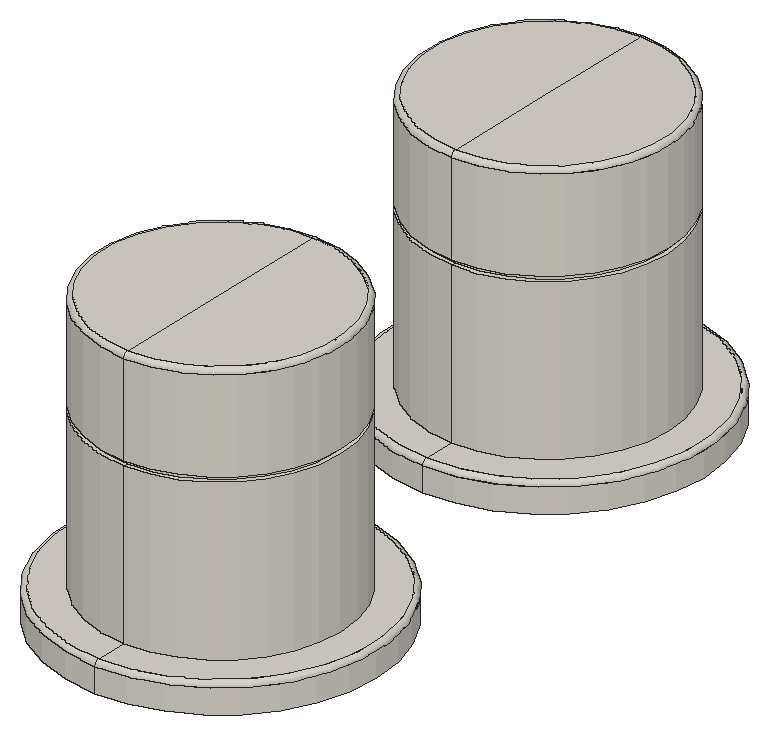
Revit family "MixerTap_Wall_Abey_PocoP_BathShower_Circular_FaceBased", category Plumbing Fixtures, host Face, Revit 2019
Family settings
  Host = Face
  Round Connector Dimension = Use Diameter
  Part Type = Normal
  OmniClass Number = 23.31.11.19
  OmniClass Title = Faucet Mixing Valves
  Cut with Voids When Loaded = No
  Shared = No
  Room Calculation Point = No
Parameters (values of type "Brushed Nickel (63417-2001)")
  Waste Connection = no
  Vent Connection = no
  Uniclass2015Version = "Products v1.28"
  Uniclass2015Title = "Mixer taps"
  Uniclass2015Code = "Pr_40_20_87_55"
  URL = "https://www.abey.com.au/"
  Type Comments = "Brushed Nickel"
  ModifiedIssue = 20230628
  Model = "63417-2001"
  KnurledMaterial = Metal_Abey_BrushedNickel_Knurled
  BodyMaterial = Metal_Abey_BrushedNickel
  ManufacturerURLProductSpecific = ""
  ManufacturerSpecCode = Model  # "63417-2001"
  ManufacturerOverallWidth = 65 mm  # constant formula
  ManufacturerOverallHeight = 150 mm  # constant formula
  ManufacturerOverallDepth = 60 mm  # constant formula
  Manufacturer = "Abey"  # constant formula
  Keynote = ""
  IfcExportType = "FAUCET"
  IfcExportAs = "ifcValve"
  HW Connection = yes
  Description = ""
  Default Elevation = 0 mm
  CreatedByURL = "https://igsgroup.com.au"
  CreatedBy = "IGS BIM Solutions"  # constant formula
  Cost = 0
  CW Connection = yes
  Assembly Code = "C1030210"
Types (3, lengths in mm): name | Type Comments | KnurledMaterial | BodyMaterial
  Brushed Brass (63417-2001) | "Brushed Brass" | Metal_Abey_Brass_Knurled | Metal_Abey_Brass
  Brushed Nickel (63417-2001) | "Brushed Nickel" | Metal_Abey_BrushedNickel_Knurled | Metal_Abey_BrushedNickel
  Gun Metal (63417-2001) | "Gun Metal" | Metal_Abey_GunMetal_Knurled | Metal_Abey_GunMetal
Reference planes
  plane 1 "Center (Elevation)": y = -63.75
  plane 2 "Back": z = 0
  plane 3 "Center (Left/Right)": x = 18.07
  plane 4 "Bottom": y = -138.75
  plane 5 "Top": y = 11.25
  plane 6 "Left": x = -14.43
  plane 7 "Right": x = 50.57
  plane 8 "Front": z = 60
Forms (mm)
  Extrusion 1, void
    sketch origin (0, 0, 0) x (1, 0, 0) y (0, 1, 0)
      loop
        circle (18.07, -21.25) r 32.5
      loop
        circle (18.07, -106.25) r 32.5
    from 0 to -30
Text (mm)
  text "Disclaimer:\nDue to ongoing product development and manufacturing evolution, product details are subject to change without notice. Please refer to product technical data sheets on the manufacturers website for the most current product information. Please allow a +/- 5mm manufacturing tolerance for dimensions and set-outs shown in product literature." at (92.879, 74.225, 0), in view "Ref. Level"
Dimensions and locks
  "ManufacturerOverallDepth": plane 8 "Front" to plane 2 "Back"
  "ManufacturerOverallWidth": plane 6 "Left" to plane 7 "Right"
  "ManufacturerOverallHeight": plane 4 "Bottom" to plane 5 "Top"
  equal spacing: plane 6 "Left", plane 3 "Center (Left/Right)", plane 7 "Right"
  equal spacing: plane 4 "Bottom", plane 1 "Center (Elevation)", plane 5 "Top"
  aligned and locked: plane 2 "Back" to host face
  aligned and locked: level to host face
  aligned and locked: plane 3 "Center (Left/Right)" to nested 1
  aligned and locked: plane 1 "Center (Elevation)" to nested 1
Automatic sketch dimensions
  host sketch curve to host sketch curve = 102.112 mm
  host sketch curve to host sketch curve = 299.981 mm
  Extrusion 1 sketch curve to plane 3 "Center (Left/Right)" = 0 mm  (x2)
  plane 4 "Bottom" to Extrusion 1 sketch curve = 32.5 mm
  plane 5 "Top" to Extrusion 1 sketch curve = 32.5 mm
  radius of Extrusion 1 sketch curve = 32.5 mm  (x2)
Nested families
  nested 1: "z_MixerTap_Wall_Abey_PocoP_BathShower_Circular" at (18.07, -63.75, 70) x (1, 0, 0) z (0, 1, 0), type "Type 1"
Connectors
  piping at (18.07, -106.25, -1), diameter 12.7, driven by "CW Connection"
    settings: on nested 1, index 1, connector inside diameter 24", connector length 0 mm, flow factor 0, pipe flow 0.00 L/s, pressure drop 0 kPa, fitting loss kfactor 0, connector angle 0.00°, fixture units 0, engagement length 0 mm, angle of deflection 0.00°, flow configuration 2, flow direction 1, fitting loss method 0, system type 20, joint type 0, gender type 0, connector reference index -1, connector utility 1, adjustable connector no, is connector primary yes, connector description "Cold Water Supply"
  piping at (18.07, -21.25, -1), diameter 12.7, driven by "HW Connection"
    settings: on nested 1, index 2, connector inside diameter 24", connector length 0 mm, flow factor 0, pipe flow 0.00 L/s, pressure drop 0 kPa, fitting loss kfactor 0, connector angle 0.00°, fixture units 0, engagement length 0 mm, angle of deflection 0.00°, flow configuration 2, flow direction 1, fitting loss method 0, system type 19, joint type 0, gender type 0, connector reference index -1, connector utility 1, adjustable connector no, is connector primary no, connector description "Hot Water Supply"
Definition of nested family "z_MixerTap_Wall_Abey_PocoP_BathShower_Circular"
  Parameters (values of type "Type 1")
    Uniclass2015Version = ""
    Uniclass2015Title = ""
    Uniclass2015Code = ""
    URL = "https://www.abey.com.au/"
    Type Comments = ""
    ModifiedIssue = 0
    Model = ""
    KnurledMaterial = none
    HW Connection = no
    Default Elevation = 0 mm
    CW Connection = no
    BodyMaterial = none
    ManufacturerURLProductSpecific = ""
    ManufacturerSpecCode = ""
    ManufacturerOverallWidth = 65 mm  # constant formula
    ManufacturerOverallHeight = 150 mm  # constant formula
    ManufacturerOverallDepth = 60 mm  # constant formula
    Manufacturer = "Abey"  # constant formula
    IfcExportType = ""
    IfcExportAs = ""
    Description = ""
    CreatedByURL = "https://igsgroup.com.au"
    CreatedBy = "IGS BIM Solutions"  # constant formula
    Assembly Code = ""
  Reference planes
    plane 1 "Ref. Level": z = 0
    plane 2 "Center (Left/Right)": x = 0
    plane 3 "Left": x = -32.5
    plane 4 "Right": x = 32.5
    plane 5 "Back": y = 70
    plane 6 "Front": y = 10
    plane 7 "Bottom": z = -75
    plane 8 "Center (Elevation)": z = 0
    plane 9 "Top": z = 75
  Forms (mm)
    Revolve 1, solid, material <- "BodyMaterial"
      sketch origin (0, 0, 0) x (0, 1, 0) y (0, 0, 1)
        loop
          line (64, 42.5) -> (64, 67.5) -> (31, 67.5) -> (31, 66.5) -> (30, 66.5) -> (30, 67.5) -> (11, 67.5)
          arc (11, 67.5) -> (10.293, 67.207) -> (10, 66.5) r 1
          line (10, 66.5) -> (10, 42.5) -> (64, 42.5)
        axis (64, 42.5) -> (10, 42.5)
      angle from 0 to 360
    Revolve 2, solid, material <- "BodyMaterial"
      sketch origin (0, 0, 2020) x (0, 1, 0) y (0, 0, -1)
        loop
          line (64, 2062.5) -> (64, 2087.5) -> (31, 2087.5) -> (31, 2086.5) -> (30, 2086.5) -> (30, 2087.5) -> (11, 2087.5)
          arc (11, 2087.5) -> (10.293, 2087.207) -> (10, 2086.5) r 1
          line (10, 2086.5) -> (10, 2062.5) -> (64, 2062.5)
        axis (64, 2062.5) -> (10, 2062.5)
      angle from 0 to 360
    Revolve 3, solid, material <- "BodyMaterial"
      sketch origin (0, 0, 2020) x (0, 1, 0) y (0, 0, -1)
        loop
          line (70, 2062.5) -> (70, 2095) -> (65, 2095)
          arc (65, 2095) -> (64.293, 2094.707) -> (64, 2094) r 1
          line (64, 2094) -> (64, 2062.5) -> (70, 2062.5)
        axis (70, 2062.5) -> (64, 2062.5)
      angle from 0 to 360
    Revolve 4, solid, material <- "BodyMaterial"
      sketch origin (0, 0, 0) x (0, 1, 0) y (0, 0, 1)
        loop
          line (70, 42.5) -> (70, 75) -> (65, 75)
          arc (65, 75) -> (64.293, 74.707) -> (64, 74) r 1
          line (64, 74) -> (64, 42.5) -> (70, 42.5)
        axis (70, 42.5) -> (64, 42.5)
      angle from 0 to 360
    Extrusion 5, solid, material <- "BodyMaterial"
      sketch origin (0, 70, 0) x (1, 0, 0) y (0, 0, 1)
        loop
          circle (0, 42.5) r 6.35
        loop
          circle (0, -42.5) r 6.35
      from 0 to -1
  Lines and regions (mm)
    Masking region 1
      outline origin (0, 0, 75) x (0, -1, 0) y (1, 0, 0)
        loop
          line (-70, 32.5) -> (-70, -32.5) -> (-65, -32.5)
          arc (-65, -32.5) -> (-64.293, -32.207) -> (-64, -31.5) r 1
          line (-64, -31.5) -> (-64, -25.003) -> (-31, -25.003) -> (-31, -24.003) -> (-30, -24.003) -> (-30, -25.003) -> (-11, -25.003)
          arc (-11, -25.003) -> (-10.293, -24.71) -> (-10, -24.003) r 1
          line (-10, -24.003) -> (-10, 24.003)
          arc (-10, 24.003) -> (-10.293, 24.71) -> (-11, 25.003) r 1
          line (-11, 25.003) -> (-30, 25.003) -> (-30, 24.003) -> (-31, 24.003) -> (-31, 25.003) -> (-64, 25.003) -> (-64, 31.5)
          arc (-64, 31.5) -> (-64.293, 32.207) -> (-65, 32.5) r 1
          line (-65, 32.5) -> (-70, 32.5)
    symbolic lines, detail levels medium+fine
      curve 1: line (-25.003, 64, 75) -> (25.003, 64, 75)
    symbolic lines, detail levels fine
      curve 2: line (-24.003, 31, 75) -> (24.003, 31, 75)
      curve 3: line (-24.003, 30, 75) -> (24.003, 30, 75)
  Dimensions and locks
    "ManufacturerOverallWidth": plane 3 "Left" to plane 4 "Right"
    "ManufacturerOverallDepth": plane 5 "Back" to plane 6 "Front"
    equal spacing: plane 9 "Top", plane 8 "Center (Elevation)", plane 7 "Bottom"
    "ManufacturerOverallHeight": plane 9 "Top" to plane 7 "Bottom"
    plane 8 "Center (Elevation)" to plane 7 "Bottom" = 75 mm
    equal spacing: plane 3 "Left", plane 2 "Center (Left/Right)", plane 4 "Right"
    aligned and locked: level to plane 1 "Ref. Level"
  Automatic sketch dimensions
    plane 7 "Bottom" to Revolve 3 sketch curve = 0 mm
    Revolve 3 sketch curve to plane 5 "Back" = 0 mm
    Revolve 3 sketch curve to Revolve 3 sketch curve = 5 mm
    plane 7 "Bottom" to Revolve 3 sketch curve = 1 mm
    Revolve 3 sketch curve to Revolve 3 sketch curve = 6.675 mm
    plane 5 "Back" to Revolve 3 sketch curve = 3.682 mm
    Revolve 1 sketch curve to plane 6 "Front" = 0 mm  (x2)
    plane 6 "Front" to Revolve 1 sketch curve = 1 mm
    plane 5 "Back" to Revolve 1 sketch curve = 6 mm
    plane 9 "Top" to Revolve 1 sketch curve = 8.5 mm
    Revolve 1 sketch curve to Revolve 1 sketch curve = 1 mm  (x3)
    Revolve 1 sketch curve to plane 6 "Front" = 15 mm
    Revolve 2 sketch curve to plane 6 "Front" = 0 mm
    Revolve 2 sketch curve to plane 6 "Front" = 54 mm
    plane 7 "Bottom" to Revolve 2 sketch curve = 7.5 mm
    Revolve 2 sketch curve to Revolve 2 sketch curve = 33 mm
    Revolve 2 sketch curve to Revolve 2 sketch curve = 1 mm  (x3)
    Revolve 2 sketch curve to Revolve 2 sketch curve = 19 mm
    Revolve 2 sketch curve to Revolve 2 sketch curve = 69 mm
    Revolve 2 sketch curve to Revolve 2 sketch curve = 25 mm
    plane 7 "Bottom" to Revolve 2 sketch curve = 8.5 mm
    Revolve 2 sketch curve to Revolve 2 sketch curve = 0 mm
    Revolve 3 sketch curve to Revolve 3 sketch curve = 31.5 mm
    Revolve 3 sketch curve to Revolve 3 sketch curve = 0 mm
    Revolve 1 sketch curve to Revolve 1 sketch curve = 25 mm
    Revolve 1 sketch curve to Revolve 1 sketch curve = 0 mm
    plane 5 "Back" to curve 1 = 6 mm
    plane 3 "Left" to curve 1 = 7.497 mm
    curve 2 to curve 3 = 1 mm
    plane 3 "Left" to curve 2 = 8.497 mm
    curve 3 to curve 2 = 0 mm  (x2)
    plane 4 "Right" to curve 2 = 8.497 mm
    plane 4 "Right" to curve 1 = 7.497 mm
    Masking region 1 sketch curve to plane 3 "Left" = 0 mm
    plane 5 "Back" to Masking region 1 sketch curve = 0 mm
    Masking region 1 sketch curve to plane 4 "Right" = 0 mm
    Masking region 1 sketch curve to plane 6 "Front" = 0 mm
    plane 5 "Back" to Masking region 1 sketch curve = 5 mm  (x2)
    plane 5 "Back" to Masking region 1 sketch curve = 6 mm
    Masking region 1 sketch curve to Masking region 1 sketch curve = 1 mm  (x5)
    plane 6 "Front" to Masking region 1 sketch curve = 1 mm  (x2)
    plane 3 "Left" to Masking region 1 sketch curve = 7.497 mm  (x2)
    plane 4 "Right" to Masking region 1 sketch curve = 8.497 mm
    Masking region 1 sketch curve to Masking region 1 sketch curve = 0 mm
    Extrusion 5 sketch curve to plane 2 "Center (Left/Right)" = 0 mm  (x2)
    Extrusion 5 sketch curve to plane 7 "Bottom" = 32.5 mm
    plane 9 "Top" to Extrusion 5 sketch curve = 32.5 mm
    plane 9 "Top" to Revolve 4 sketch curve = 0 mm
    Revolve 4 sketch curve to plane 5 "Back" = 0 mm
    plane 9 "Top" to Revolve 4 sketch curve = 1 mm
    plane 5 "Back" to Revolve 4 sketch curve = 5 mm
    Revolve 4 sketch curve to Revolve 4 sketch curve = 31.5 mm
    plane 5 "Back" to Revolve 4 sketch curve = 1.426 mm
    Revolve 4 sketch curve to Revolve 4 sketch curve = 9.115 mm
    Revolve 4 sketch curve to Revolve 4 sketch curve = 0 mm
    plane 6 "Front" to curve 2 = 21 mm
    Revolve 1 sketch curve to Revolve 1 sketch curve = 19 mm
    Masking region 1 sketch curve to Masking region 1 sketch curve = 20 mm  (x2)
    radius of Extrusion 5 sketch curve = 6.35 mm  (x2)
